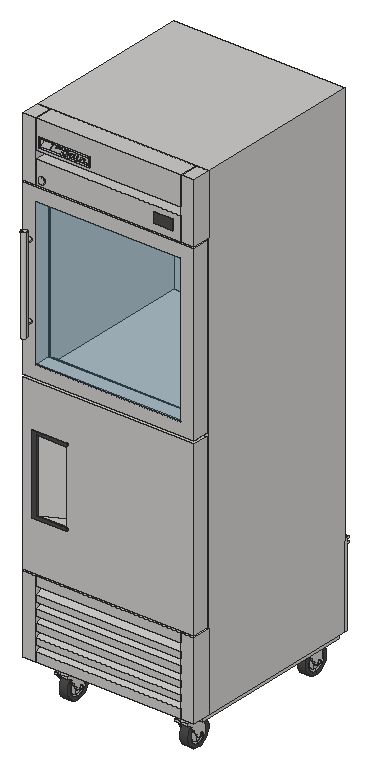
Revit family "QF_TRUE_TS-23-1-G-1-HC~FGD01", category Specialty Equipment, Revit 2015 (continued)
Definition of nested family "TS-23-1-G-1-HC-FGD01"
  Automatic sketch dimensions
    Extrusion 13 sketch curve to Extrusion 13 sketch curve = 1 3/8"
    Extrusion 15 sketch curve to Extrusion 15 sketch curve = 2"
    Extrusion 15 sketch curve to Extrusion 15 sketch curve = 77"
    Extrusion 16 sketch curve to Extrusion 16 sketch curve = 4 1/2"
    Extrusion 16 sketch curve to Extrusion 16 sketch curve = 1 1/4"  (x2)
    Extrusion 16 sketch curve to Extrusion 16 sketch curve = 3 3/4"
    Extrusion 16 sketch curve to Extrusion 16 sketch curve = 55 1/4"
    Extrusion 16 sketch curve to Extrusion 16 sketch curve = 1 1/2"
    Extrusion 16 sketch curve to Extrusion 16 sketch curve = 1"  (x7)
    Extrusion 16 sketch curve to Extrusion 16 sketch curve = 2"
    Extrusion 16 sketch curve to Extrusion 16 sketch curve = 2 1/2"
    Extrusion 16 sketch curve to Extrusion 16 sketch curve = 0"  (x9)
    Extrusion 16 sketch curve to Extrusion 16 sketch curve = 2.0503"  (x2)
    Extrusion 16 sketch curve to Extrusion 16 sketch curve = 0.51258"
    Extrusion 16 sketch curve to Extrusion 16 sketch curve = 2.80755"
    Extrusion 16 sketch curve to Extrusion 16 sketch curve = 0.43712"
    Extrusion 16 sketch curve to Extrusion 16 sketch curve = 3"
    Extrusion 18 sketch curve to Extrusion 16 = 0.97242"
    Extrusion 19 sketch curve to Extrusion 15 = 0"  (x4)
    Extrusion 15 to Extrusion 19 sketch curve = 0"  (x2)
    Extrusion 15 to Extrusion 19 sketch curve = 2"
    Extrusion 15 to Extrusion 19 sketch curve = 12 1/4"
    Extrusion 15 to Extrusion 19 sketch curve = 2 5/8"
    Extrusion 21 sketch curve to Extrusion 21 sketch curve = 9 1/2"
    Extrusion 21 sketch curve to Extrusion 21 sketch curve = 55 1/4"
    Extrusion 21 sketch curve to Extrusion 21 sketch curve = 12 1/4"
    Extrusion 21 sketch curve to Extrusion 21 sketch curve = 0"
    Extrusion 21 sketch curve to Extrusion 21 sketch curve = 3"  (x2)
    Extrusion 23 sketch curve to Extrusion 23 sketch curve = 9 1/2"
    Extrusion 23 sketch curve to Extrusion 23 sketch curve = 55 1/4"
    Extrusion 23 sketch curve to Extrusion 23 sketch curve = 12 1/4"
    Extrusion 23 sketch curve to Extrusion 23 sketch curve = 0"
    Extrusion 23 sketch curve to Extrusion 23 sketch curve = 3"  (x2)
    Extrusion 24 sketch curve to Extrusion 24 sketch curve = 2"
    Extrusion 24 sketch curve to Extrusion 24 sketch curve = 77"
    Extrusion 25 sketch curve to Extrusion 25 sketch curve = 25"
    Extrusion 25 sketch curve to Extrusion 25 sketch curve = 1 3/8"
    Extrusion 26 sketch curve to Extrusion 26 sketch curve = 12.22095"
    Extrusion 26 sketch curve to Extrusion 26 sketch curve = 0.34482"
    Extrusion 26 sketch curve to Extrusion 26 sketch curve = 0.3805"
    Extrusion 26 sketch curve to Extrusion 26 sketch curve = 0.16647"
    Extrusion 26 sketch curve to Extrusion 26 sketch curve = 0.17678"  (x2)
    Extrusion 26 sketch curve to Extrusion 26 sketch curve = 0.14819"
    Extrusion 26 sketch curve to Extrusion 26 sketch curve = 3/8"
    Extrusion 26 sketch curve to Extrusion 26 sketch curve = 0"
    Extrusion 26 sketch curve to Extrusion 26 sketch curve = 1/4"
    Extrusion 26 sketch curve to Extrusion 26 sketch curve = 0.30004"
    Extrusion 22 sketch curve to Extrusion 15 = 1/4"  (x2)
    Extrusion 22 sketch curve to Extrusion 15 = 11 1/2"
    Extrusion 15 to Extrusion 22 sketch curve = 23 1/4"
    Extrusion 22 sketch curve to Extrusion 22 sketch curve = 1 1/2"
    Extrusion 22 sketch curve to Extrusion 22 sketch curve = 1.62134"  (x2)
    Extrusion 22 sketch curve to Extrusion 22 sketch curve = 23 5/8"
    Extrusion 17 sketch curve to Extrusion 17 sketch curve = 23"
    Extrusion 17 sketch curve to Extrusion 17 sketch curve = 23 1/8"
    Extrusion 20 sketch curve to plane 14 = 0"
    Extrusion 20 sketch curve to Extrusion 20 sketch curve = 0"
    Extrusion 20 sketch curve to Extrusion 20 sketch curve = 2"  (x4)
    Extrusion 20 sketch curve to Extrusion 20 sketch curve = 2 1/4"
    Extrusion 20 sketch curve to Extrusion 20 sketch curve = 4.63686"
    Extrusion 20 sketch curve to Extrusion 20 sketch curve = 23"
    Extrusion 20 sketch curve to Extrusion 20 sketch curve = 20.11314"
    plane 14 to Extrusion 20 sketch curve = 8.2848"
    Extrusion 20 sketch curve to Extrusion 20 sketch curve = 11 1/2"
    Extrusion 20 sketch curve to Extrusion 20 sketch curve = 7.3402"
    Extrusion 20 sketch curve to Extrusion 20 sketch curve = 1/2"
    Extrusion 20 sketch curve to Extrusion 20 sketch curve = 23 1/8"
    Extrusion 27 sketch curve to Extrusion 27 sketch curve = 3/4"
    Extrusion 27 sketch curve to Extrusion 27 sketch curve = 4.63686"  (x2)
    Extrusion 27 sketch curve to Extrusion 27 sketch curve = 1/4"  (x2)
    Extrusion 27 sketch curve to Extrusion 27 sketch curve = 11 1/2"
    Extrusion 28 sketch curve to Extrusion 28 sketch curve = 4.63686"
    Extrusion 28 sketch curve to Extrusion 28 sketch curve = 2 1/2"
    Extrusion 8 sketch curve to Extrusion 1 = 1/4"  (x2)
    Extrusion 8 sketch curve to Extrusion 1 = 11 1/2"
    Extrusion 1 to Extrusion 8 sketch curve = 23 1/4"
    Extrusion 8 sketch curve to Extrusion 8 sketch curve = 1 1/2"
    Extrusion 8 sketch curve to Extrusion 8 sketch curve = 1.62134"  (x2)
    Extrusion 8 sketch curve to Extrusion 8 sketch curve = 23 5/8"
    Extrusion 3 sketch curve to Extrusion 3 sketch curve = 23"
    Extrusion 3 sketch curve to Extrusion 3 sketch curve = 23 1/8"
    Extrusion 6 sketch curve to plane 10 = 0"
    Extrusion 6 sketch curve to Extrusion 6 sketch curve = 0"
    Extrusion 6 sketch curve to Extrusion 6 sketch curve = 2"  (x4)
    Extrusion 6 sketch curve to Extrusion 6 sketch curve = 2 1/4"
    Extrusion 6 sketch curve to Extrusion 6 sketch curve = 4.63686"
    Extrusion 6 sketch curve to Extrusion 6 sketch curve = 23"
    Extrusion 6 sketch curve to Extrusion 6 sketch curve = 20.11314"
    plane 10 to Extrusion 6 sketch curve = 8.2848"
    Extrusion 6 sketch curve to Extrusion 6 sketch curve = 11 1/2"
    Extrusion 6 sketch curve to Extrusion 6 sketch curve = 7.3402"
    Extrusion 6 sketch curve to Extrusion 6 sketch curve = 1/2"
    Extrusion 6 sketch curve to Extrusion 6 sketch curve = 23 1/8"
    Extrusion 15 to Extrusion 19 sketch curve = 36 1/8"
    Extrusion 19 sketch curve to Extrusion 19 sketch curve = 2"
    Extrusion 19 sketch curve to Extrusion 19 sketch curve = 0"
    Extrusion 1 to Extrusion 5 sketch curve = 36 1/8"
    Extrusion 5 sketch curve to Extrusion 5 sketch curve = 2"
    Extrusion 5 sketch curve to Extrusion 5 sketch curve = 0"
    Revolve 31 sketch curve to Revolve 31 sketch curve = 7/16"
    Revolve 31 sketch curve to Revolve 31 sketch curve = 14 15/16"
    Revolve 31 sketch curve to Revolve 31 sketch curve = 0"  (x2)
    Revolve 31 sketch curve to Revolve 31 sketch curve = 25/64"
    Extrusion 32 sketch curve to Extrusion 32 sketch curve = 0"
    Extrusion 32 sketch curve to Extrusion 32 sketch curve = 11.57772"
    Extrusion 35 sketch curve to plane 15 = 0"
    plane 15 to Extrusion 35 sketch curve = 25 3/4"
    Extrusion 35 sketch curve to Extrusion 35 sketch curve = 1.5775"
    Extrusion 35 sketch curve to Extrusion 35 sketch curve = 0.2834"
    Extrusion 36 sketch curve to plane 16 = 0"
    plane 16 to Extrusion 36 sketch curve = 25 3/4"
    Extrusion 36 sketch curve to Extrusion 36 sketch curve = 1.5775"
    Extrusion 36 sketch curve to Extrusion 36 sketch curve = 0.2834"
    curve 13 to curve 14 = 0.2834"
    curve 14 to curve 13 = 4.25181"
    curve 13 to curve 14 = 1.5775"
    curve 14 to curve 13 = 0"
    curve 13 to curve 14 = 13.13367"
    curve 15 to curve 16 = 0.2834"
    curve 16 to curve 15 = 4.25181"
    curve 15 to curve 16 = 1.5775"
    curve 16 to curve 15 = 0"
    curve 15 to curve 16 = 13.13367"
    curve 9 to curve 10 = 0"  (x2)
    curve 1 to plane 3 "LEFT" = 0"
    plane 5 "FRONT" to curve 11 = 0"
    curve 4 to plane 4 "RIGHT" = 0"
    plane 1 "BACK" to curve 5 = 0"
    curve 2 to plane 11 = 0"
    curve 9 to plane 12 = 7/16"
    plane 3 "LEFT" to curve 9 = 1.10057"
    curve 10 to curve 9 = 7/16"
    plane 3 "LEFT" to curve 11 = 0.78232"
    curve 11 to curve 12 = 0.6365"
    curve 12 to curve 7 = 0.58118"
    plane 4 "RIGHT" to curve 8 = 2"
    curve 7 to curve 7 = 3"
    Extrusion 11 sketch curve to plane 7 "Center Y" = 0"
    plane 13 to Extrusion 11 sketch curve = 8 1/4"
    plane 4 "RIGHT" to Extrusion 12 sketch curve = 3.25266"
    Extrusion 12 sketch curve to plane 6 "TOP" = 6.62607"
    Extrusion 12 sketch curve to Extrusion 12 sketch curve = 1.63987"
    Extrusion 12 sketch curve to Extrusion 12 sketch curve = 2.94794"
    Extrusion 39 sketch curve to Extrusion 39 sketch curve = 0"  (x3)
    Extrusion 39 sketch curve to plane 5 "FRONT" = 0.99727"
    Extrusion 39 sketch curve to Extrusion 39 sketch curve = 0.0075"
    Extrusion 39 sketch curve to Extrusion 39 sketch curve = 2.06523"
    plane 4 "RIGHT" to Extrusion 39 sketch curve = 0.25618"
    Extrusion 39 sketch curve to Extrusion 39 sketch curve = 0.04197"
    Extrusion 39 sketch curve to Extrusion 39 sketch curve = 0.42957"
    Extrusion 39 sketch curve to Extrusion 39 sketch curve = 0.94308"
    Extrusion 40 sketch curve to plane 5 "FRONT" = 1.00477"
    plane 4 "RIGHT" to Extrusion 40 sketch curve = 0.72772"
    Extrusion 41 sketch curve to plane 5 "FRONT" = 0.73375"
    plane 4 "RIGHT" to Extrusion 41 sketch curve = 3.98077"
    Extrusion 41 sketch curve to Extrusion 41 sketch curve = 0.37938"
    Extrusion 41 sketch curve to Extrusion 41 sketch curve = 1"
    Extrusion 41 sketch curve to Extrusion 41 sketch curve = 1.65026"
    Extrusion 41 sketch curve to Extrusion 41 sketch curve = 0.43546"
    Extrusion 41 sketch curve to Extrusion 41 sketch curve = 0.50522"
    Extrusion 41 sketch curve to plane 5 "FRONT" = 1.25058"
    Extrusion 41 sketch curve to Extrusion 41 sketch curve = 0.51683"
    Extrusion 41 sketch curve to Extrusion 41 sketch curve = 0.53428"
    Extrusion 42 sketch curve to plane 5 "FRONT" = 1.25058"
    plane 4 "RIGHT" to Extrusion 42 sketch curve = 3.60138"
    Extrusion 42 sketch curve to Extrusion 42 sketch curve = 1"
    Extrusion 42 sketch curve to Extrusion 42 sketch curve = 0"
    Extrusion 43 sketch curve to Extrusion 43 sketch curve = 0"  (x2)
    Extrusion 43 sketch curve to plane 5 "FRONT" = 1.23897"
    plane 4 "RIGHT" to Extrusion 43 sketch curve = 0.95113"
    Extrusion 43 sketch curve to Extrusion 43 sketch curve = 1/4"
    Extrusion 44 sketch curve to plane 5 "FRONT" = 0.70773"
    plane 4 "RIGHT" to Extrusion 44 sketch curve = 0.49483"
    Extrusion 44 sketch curve to Extrusion 44 sketch curve = 0.0411"
    Extrusion 44 sketch curve to Extrusion 44 sketch curve = 0.45494"
    Extrusion 44 sketch curve to plane 5 "FRONT" = 3 1/16"
    Extrusion 44 sketch curve to Extrusion 44 sketch curve = 0.91779"
    Extrusion 44 sketch curve to Extrusion 44 sketch curve = 0.54506"
    Extrusion 44 sketch curve to Extrusion 44 sketch curve = 17/32"
    Extrusion 45 sketch curve to Extrusion 45 sketch curve = 0"  (x3)
    Extrusion 45 sketch curve to plane 5 "FRONT" = 0.99727"
    Extrusion 45 sketch curve to Extrusion 45 sketch curve = 0.0075"
    Extrusion 45 sketch curve to Extrusion 45 sketch curve = 2.06523"
    plane 4 "RIGHT" to Extrusion 45 sketch curve = 0.25618"
    Extrusion 45 sketch curve to Extrusion 45 sketch curve = 0.04197"
    Extrusion 45 sketch curve to Extrusion 45 sketch curve = 0.42957"
    Extrusion 45 sketch curve to Extrusion 45 sketch curve = 0.94308"
    Extrusion 46 sketch curve to plane 5 "FRONT" = 1.00477"
    plane 4 "RIGHT" to Extrusion 46 sketch curve = 0.72772"
    radius of Extrusion 4 sketch curve = 1/2"
    radius of Extrusion 18 sketch curve = 1/2"
    radius of Extrusion 32 sketch curve = 0.31825"  (x2)
    radius of Extrusion 11 sketch curve = 1/4"
    radius of Extrusion 39 sketch curve = 1/4"
    radius of Extrusion 40 sketch curve = 1/4"
    radius of Extrusion 41 sketch curve = 1/4"  (x3)
    radius of Extrusion 42 sketch curve = 1/4"  (x2)
    radius of Extrusion 44 sketch curve = 1/4"
    radius of Extrusion 45 sketch curve = 1/4"
    radius of Extrusion 46 sketch curve = 1/4"
  Nested families (in)
    nested 1: "QF_LOGO_TRUE" at (2.5, -29.8125, 79.375), Show Logo <- "Show Logo", type "QF_LOGO_TRUE", detail levels medium+fine
      with Show Logo yes
  Definition of nested family "QF_LOGO_TRUE"
    Parameters (values of type "QF_LOGO_TRUE")
      Show Logo [instance] = yes
    Reference planes (in)
      plane 1 "Center (Front/Back)": y = 0
      plane 2: z = 0
      plane 3 "Center (Left/Right)": x = 0
    Forms (in)
      Extrusion 1, solid, visible <- "Show Logo", detail levels medium+fine
        sketch origin (-78.34647, 34.76905, -30.51001) x (1, 0, 0) y (0, 0, 1)
          loop
            line (81.15226, 31.65456) -> (81.07353, 31.48573) -> (82.12083, 31.48573)
            arc (82.12083, 31.48573) -> (82.14208, 31.44814) -> (82.12083, 31.41055) r 0.04386
            line (82.12083, 31.41055) -> (81.84767, 30.82478)
            arc (81.84767, 30.82478) -> (81.84531, 30.77052) -> (81.882, 30.73048) r 0.07096
            line (81.882, 30.73048) -> (82.55165, 30.73048)
            arc (82.55165, 30.73048) -> (82.63621, 30.75714) -> (82.69019, 30.82748) r 0.14742
            line (82.69019, 30.82748) -> (82.90515, 31.28847) -> (83.10265, 31.28847)
            arc (83.10265, 31.28847) -> (83.15447, 31.26942) -> (83.14697, 31.21472) r 0.04405
            line (83.14697, 31.21472) -> (82.9671, 30.82899)
            arc (82.9671, 30.82899) -> (82.9699, 30.76493) -> (83.02398, 30.73048) r 0.06943
            line (83.02398, 30.73048) -> (83.6124, 30.73048)
            arc (83.6124, 30.73048) -> (83.65748, 30.74689) -> (83.68147, 30.78844) r 0.07014
            arc (83.68147, 30.78844) -> (83.69845, 30.74745) -> (83.73943, 30.73048) r 0.05796
            line (83.73943, 30.73048) -> (84.112, 30.73048)
            arc (84.112, 30.73048) -> (84.15504, 30.74201) -> (84.18655, 30.77352) r 0.08608
            arc (84.18655, 30.77352) -> (84.20164, 30.7371) -> (84.23806, 30.72202) r 0.0515
            line (84.23806, 30.72202) -> (84.76757, 30.72202)
            arc (84.76757, 30.72202) -> (84.81086, 30.73995) -> (84.8288, 30.78324) r 0.06122
            arc (84.8288, 30.78324) -> (84.86848, 30.74355) -> (84.92269, 30.72903) r 0.10842
            line (84.92269, 30.72903) -> (85.91461, 30.72903) -> (86.02479, 30.91987) -> (85.0243, 30.91987)
            arc (85.0243, 30.91987) -> (84.99669, 30.93902) -> (84.99566, 30.97261) r 0.03732
            line (84.99566, 30.97261) -> (85.01297, 31.00972)
            arc (85.01297, 31.00972) -> (85.03954, 31.04453) -> (85.0813, 31.05774) r 0.07263
            line (85.0813, 31.05774) -> (85.40289, 31.05774)
            arc (85.40289, 31.05774) -> (85.4723, 31.07633) -> (85.52311, 31.12715) r 0.13882
            line (85.52311, 31.12715) -> (85.61625, 31.28847)
            arc (85.61625, 31.28847) -> (85.61625, 31.37458) -> (85.54168, 31.41763) r 0.08611
            line (85.54168, 31.41763) -> (85.20227, 31.41763)
            arc (85.20227, 31.41763) -> (85.11574, 31.40294) -> (85.05538, 31.33923) r 0.13863
            line (85.05538, 31.33923) -> (84.89409, 30.99333)
            arc (84.89409, 30.99333) -> (84.84649, 30.9313) -> (84.77191, 30.90778) r 0.13002
            line (84.77191, 30.90778) -> (84.41984, 30.90778)
            arc (84.41984, 30.90778) -> (84.3777, 30.95378) -> (84.38042, 31.0161) r 0.08151
            line (84.38042, 31.0161) -> (84.56766, 31.41763) -> (84.44849, 31.41763) -> (84.25012, 30.99222)
            arc (84.25012, 30.99222) -> (84.21158, 30.94199) -> (84.15119, 30.92296) r 0.10527
            line (84.15119, 30.92296) -> (83.90842, 30.92296)
            arc (83.90842, 30.92296) -> (83.8674, 30.97642) -> (83.87619, 31.04323) r 0.08805
            line (83.87619, 31.04323) -> (84.05078, 31.41763) -> (83.92772, 31.41763) -> (83.72676, 30.98668)
            arc (83.72676, 30.98668) -> (83.68011, 30.94003) -> (83.61639, 30.92296) r 0.12745
            line (83.61639, 30.92296) -> (83.26484, 30.92296)
            arc (83.26484, 30.92296) -> (83.2017, 30.9524) -> (83.19563, 31.0218) r 0.06967
            line (83.19563, 31.0218) -> (83.31118, 31.26961) -> (83.47452, 31.26961)
            arc (83.47452, 31.26961) -> (83.50209, 31.35268) -> (83.56075, 31.41763) r 0.21289
            line (83.56075, 31.41763) -> (82.92244, 31.41763)
            arc (82.92244, 31.41763) -> (82.85151, 31.40191) -> (82.80242, 31.34834) r 0.12081
            line (82.80242, 31.34834) -> (82.6294, 30.9773)
            arc (82.6294, 30.9773) -> (82.58962, 30.93752) -> (82.53528, 30.92296) r 0.10869
            line (82.53528, 30.92296) -> (82.1542, 30.92296)
            arc (82.1542, 30.92296) -> (82.12446, 30.96315) -> (82.13012, 31.01283) r 0.06822
            line (82.13012, 31.01283) -> (82.38156, 31.48573) -> (83.01596, 31.48573) -> (83.09469, 31.65456) -> (82.46029, 31.65456) -> (82.53902, 31.8234) -> (82.31334, 31.8234) -> (82.23461, 31.65456) -> (81.15226, 31.65456)
          loop
            arc (85.15937, 31.26434) -> (85.13191, 31.25698) -> (85.1118, 31.23688) r 0.05494
            line (85.1118, 31.23688) -> (85.09547, 31.18665)
            arc (85.09547, 31.18665) -> (85.10304, 31.16837) -> (85.12133, 31.16079) r 0.02586
            line (85.12133, 31.16079) -> (85.39889, 31.16079)
            arc (85.39889, 31.16079) -> (85.41888, 31.16523) -> (85.43513, 31.1777) r 0.04731
            line (85.43513, 31.1777) -> (85.44863, 31.2402)
            arc (85.44863, 31.2402) -> (85.44466, 31.25693) -> (85.42914, 31.26434) r 0.01994
            line (85.42914, 31.26434) -> (85.15937, 31.26434)
          loop
            line (78.62961, 30.74125) -> (80.12032, 30.74125) -> (80.73891, 31.81268) -> (79.2482, 31.81268) -> (78.62961, 30.74125)
        from 34.76797 to 34.83173
      Extrusion 2, solid, visible <- "Show Logo", detail levels medium+fine
        sketch origin (-142.84857, 34.75108, -33.3546) x (1, 0, 0) y (0, 0, 1)
          loop
            line (150.81107, 34.71978) -> (142.98607, 34.71978) -> (142.98607, 33.4921) -> (150.81107, 33.4921) -> (150.81107, 34.71978)
        from 34.75108 to 34.78125
      Extrusion 3, solid, visible <- "Show Logo", detail levels medium+fine
        sketch origin (-142.84857, 34.75108, -33.3546) x (1, 0, 0) y (0, 0, 1)
          loop
            line (150.94857, 34.85727) -> (142.84857, 34.85727) -> (142.84857, 33.3546) -> (150.94857, 33.3546) -> (150.94857, 34.85727)
          loop
            line (142.98607, 34.71978) -> (142.98607, 33.4921) -> (150.81107, 33.4921) -> (150.81107, 34.71978) -> (142.98607, 34.71978)
        from 34.75108 to 34.81376
      Extrusion 4, solid, not visible
        sketch origin (121.45701, -16.5, 4.98235) x (1, 0, 0) y (0, 0, 1)
          loop
            line (25.20115, 35.89949) -> (25.20115, 33.96647) -> (30.95381, 33.96647) -> (30.95381, 35.89949) -> (25.20115, 35.89949)
        from 31.5 to 31.54261
      Extrusion 5, solid, not visible
        sketch origin (121.45701, -16.5, 4.98235) x (1, 0, 0) y (0, 0, 1)
          loop
            line (26.7387, 34.95472) -> (26.61492, 34.49276) -> (27.038, 34.49276)
            arc (27.038, 34.49276) -> (27.13117, 34.52484) -> (27.18485, 34.60749) r 0.15134
            arc (27.18485, 34.60749) -> (27.20396, 34.68138) -> (27.22435, 34.75493) r 4.37326
            arc (27.22435, 34.75493) -> (27.23458, 34.81765) -> (27.22435, 34.88037) r 0.1974
            arc (27.22435, 34.88037) -> (27.18247, 34.93579) -> (27.11563, 34.95472) r 0.10914
            line (27.11563, 34.95472) -> (26.7387, 34.95472)
          loop
            line (26.90201, 34.80638) -> (26.84645, 34.59903) -> (26.92855, 34.59903)
            arc (26.92855, 34.59903) -> (26.98205, 34.6185) -> (27.01051, 34.6678) r 0.08322
            line (27.01051, 34.6678) -> (27.02399, 34.74424)
            arc (27.02399, 34.74424) -> (27.01491, 34.78454) -> (26.97985, 34.80638) r 0.05353
            line (26.97985, 34.80638) -> (26.90201, 34.80638)
          loop
            line (27.45336, 34.66131) -> (27.76233, 34.66131) -> (27.78859, 34.73909)
            arc (27.78859, 34.73909) -> (27.7878, 34.82039) -> (27.73107, 34.87864) r 0.10925
            arc (27.73107, 34.87864) -> (27.68233, 34.8944) -> (27.63139, 34.89974) r 0.24595
            line (27.63139, 34.89974) -> (27.46708, 34.89974)
            arc (27.46708, 34.89974) -> (27.4068, 34.88073) -> (27.3535, 34.84677) r 0.2421
            arc (27.3535, 34.84677) -> (27.2897, 34.76363) -> (27.26702, 34.66131) r 0.2421
            line (27.26702, 34.66131) -> (27.26702, 34.54477)
            arc (27.26702, 34.54477) -> (27.31618, 34.4956) -> (27.38334, 34.47761) r 0.13431
            line (27.38334, 34.47761) -> (27.59054, 34.47761)
            arc (27.59054, 34.47761) -> (27.63459, 34.48281) -> (27.67622, 34.49812) r 0.18924
            line (27.67622, 34.49812) -> (27.73102, 34.61563)
            arc (27.73102, 34.61563) -> (27.68453, 34.59565) -> (27.63566, 34.58252) r 0.35376
            arc (27.63566, 34.58252) -> (27.55885, 34.56956) -> (27.48204, 34.58252) r 0.23415
            arc (27.48204, 34.58252) -> (27.44492, 34.61362) -> (27.45336, 34.66131) r 0.04838
          loop
            line (27.4842, 34.73042) -> (27.62012, 34.73042) -> (27.62621, 34.76496)
            arc (27.62621, 34.76496) -> (27.58961, 34.80242) -> (27.53739, 34.80638) r 0.0742
            arc (27.53739, 34.80638) -> (27.49747, 34.77773) -> (27.4842, 34.73042) r 0.0742
          loop
            line (27.91616, 34.97572) -> (27.78675, 34.49276) -> (27.98645, 34.49276) -> (28.11586, 34.97572) -> (27.91616, 34.97572)
          loop
            line (28.13678, 34.66131) -> (28.08755, 34.47761) -> (28.27134, 34.47761) -> (28.32056, 34.66131) -> (28.43674, 34.66131) -> (28.47974, 34.78864) -> (28.36519, 34.78864)
            arc (28.36519, 34.78864) -> (28.35733, 34.81649) -> (28.36921, 34.84288) r 0.04231
            arc (28.36921, 34.84288) -> (28.431, 34.8652) -> (28.49617, 34.85686) r 0.13988
            line (28.49617, 34.85686) -> (28.53544, 34.97317)
            arc (28.53544, 34.97317) -> (28.39725, 34.99096) -> (28.25905, 34.97317) r 0.54546
            arc (28.25905, 34.97317) -> (28.20849, 34.91994) -> (28.18197, 34.85147) r 0.1894
            line (28.18197, 34.85147) -> (28.17089, 34.78864) -> (28.11397, 34.78864) -> (28.07985, 34.66131) -> (28.13678, 34.66131)
          loop
            arc (28.74846, 34.89756) -> (28.65884, 34.88533) -> (28.56922, 34.89756) r 0.33455
            line (28.56922, 34.89756) -> (28.45669, 34.47761) -> (28.63593, 34.47761) -> (28.74846, 34.89756)
          loop
            arc (28.60398, 35.01195) -> (28.57699, 34.97173) -> (28.60398, 34.9315) r 0.04347
            line (28.60398, 34.9315) -> (28.75755, 34.9315)
            arc (28.75755, 34.9315) -> (28.78645, 34.96687) -> (28.77911, 35.01195) r 0.0556
            line (28.77911, 35.01195) -> (28.60398, 35.01195)
          loop
            line (28.95336, 34.66131) -> (29.26233, 34.66131) -> (29.28859, 34.73909)
            arc (29.28859, 34.73909) -> (29.2878, 34.82039) -> (29.23107, 34.87864) r 0.10925
            arc (29.23107, 34.87864) -> (29.18233, 34.8944) -> (29.13139, 34.89974) r 0.24595
            line (29.13139, 34.89974) -> (28.96708, 34.89974)
            arc (28.96708, 34.89974) -> (28.9068, 34.88073) -> (28.8535, 34.84677) r 0.2421
            arc (28.8535, 34.84677) -> (28.7897, 34.76363) -> (28.76702, 34.66131) r 0.2421
            line (28.76702, 34.66131) -> (28.76702, 34.54477)
            arc (28.76702, 34.54477) -> (28.81618, 34.4956) -> (28.88334, 34.47761) r 0.13431
            line (28.88334, 34.47761) -> (29.09054, 34.47761)
            arc (29.09054, 34.47761) -> (29.13459, 34.48281) -> (29.17622, 34.49812) r 0.18924
            line (29.17622, 34.49812) -> (29.23102, 34.61563)
            arc (29.23102, 34.61563) -> (29.18453, 34.59565) -> (29.13566, 34.58252) r 0.35376
            arc (29.13566, 34.58252) -> (29.05885, 34.56956) -> (28.98204, 34.58252) r 0.23415
            arc (28.98204, 34.58252) -> (28.94492, 34.61362) -> (28.95336, 34.66131) r 0.04838
          loop
            line (28.9842, 34.73042) -> (29.12012, 34.73042) -> (29.12621, 34.76496)
            arc (29.12621, 34.76496) -> (29.08961, 34.80242) -> (29.03739, 34.80638) r 0.0742
            arc (29.03739, 34.80638) -> (28.99747, 34.77773) -> (28.9842, 34.73042) r 0.0742
          loop
            line (29.41616, 34.97572) -> (29.28675, 34.49276) -> (29.48645, 34.49276) -> (29.61586, 34.97572) -> (29.41616, 34.97572)
          loop
            line (29.99836, 34.97572) -> (29.95192, 34.80242)
            arc (29.95192, 34.80242) -> (29.94473, 34.85705) -> (29.90102, 34.89059) r 0.07199
            arc (29.90102, 34.89059) -> (29.80023, 34.89941) -> (29.70251, 34.87322) r 0.29131
            arc (29.70251, 34.87322) -> (29.61806, 34.7652) -> (29.5896, 34.63108) r 0.30433
            line (29.5896, 34.63108) -> (29.5896, 34.55572)
            arc (29.5896, 34.55572) -> (29.61075, 34.50463) -> (29.66184, 34.48348) r 0.07224
            line (29.66184, 34.48348) -> (29.78537, 34.48348)
            arc (29.78537, 34.48348) -> (29.83854, 34.51313) -> (29.88504, 34.55243) r 0.31609
            line (29.88504, 34.55243) -> (29.86905, 34.49276) -> (30.05973, 34.49276) -> (30.18914, 34.97572) -> (29.99836, 34.97572)
          loop
            arc (29.84537, 34.75931) -> (29.79424, 34.71128) -> (29.77745, 34.64317) r 0.12371
            arc (29.77745, 34.64317) -> (29.80071, 34.59901) -> (29.85056, 34.59647) r 0.05045
            arc (29.85056, 34.59647) -> (29.90141, 34.64047) -> (29.92536, 34.7033) r 0.13769
            arc (29.92536, 34.7033) -> (29.90211, 34.75521) -> (29.84537, 34.75931) r 0.05543
          loop
            line (26.45047, 35.26762) -> (26.58211, 35.26762)
            arc (26.58211, 35.26762) -> (26.60467, 35.30821) -> (26.62126, 35.35157) r 0.3277
            arc (26.62126, 35.35157) -> (26.62714, 35.39992) -> (26.60877, 35.44503) r 0.09693
            arc (26.60877, 35.44503) -> (26.56454, 35.48868) -> (26.50462, 35.50516) r 0.12312
            arc (26.50462, 35.50516) -> (26.44158, 35.50565) -> (26.37854, 35.50546) r 5.76967
            arc (26.37854, 35.50546) -> (26.07462, 35.42923) -> (25.81045, 35.26076) r 0.97743
            line (25.81045, 35.26076) -> (25.85921, 35.26076)
            arc (25.85921, 35.26076) -> (26.08494, 35.39361) -> (26.3396, 35.45485) r 0.88817
            arc (26.3396, 35.45485) -> (26.41429, 35.44188) -> (26.47267, 35.39352) r 0.14748
            arc (26.47267, 35.39352) -> (26.48041, 35.32725) -> (26.45047, 35.26762) r 0.11636
          loop
            arc (26.35412, 35.17841) -> (26.19578, 35.0555) -> (26.00982, 34.98069) r 0.72453
            arc (26.00982, 34.98069) -> (25.9036, 34.95581) -> (25.79459, 34.9604) r 0.40201
            arc (25.79459, 34.9604) -> (25.7275, 34.98819) -> (25.69972, 35.05528) r 0.09488
            arc (25.69972, 35.05528) -> (25.71867, 35.12629) -> (25.77049, 35.17841) r 0.1425
            line (25.77049, 35.17841) -> (25.73665, 35.18748)
            arc (25.73665, 35.18748) -> (25.67632, 35.09876) -> (25.66924, 34.99171) r 0.20432
            arc (25.66924, 34.99171) -> (25.71443, 34.9227) -> (25.79473, 34.90384) r 0.11116
            arc (25.79473, 34.90384) -> (25.91172, 34.89904) -> (26.02716, 34.91862) r 0.56145
            arc (26.02716, 34.91862) -> (26.27675, 35.021) -> (26.49584, 35.17841) r 1.15683
            line (26.49584, 35.17841) -> (26.35412, 35.17841)
        from 31.54261 to 31.56272
    Dimensions and locks (in)
      aligned and locked: level to plane 2
      aligned and locked: Extrusion 2 to Extrusion 3  (x2)
      aligned and locked: Extrusion 2 sketch curve to Extrusion 3
